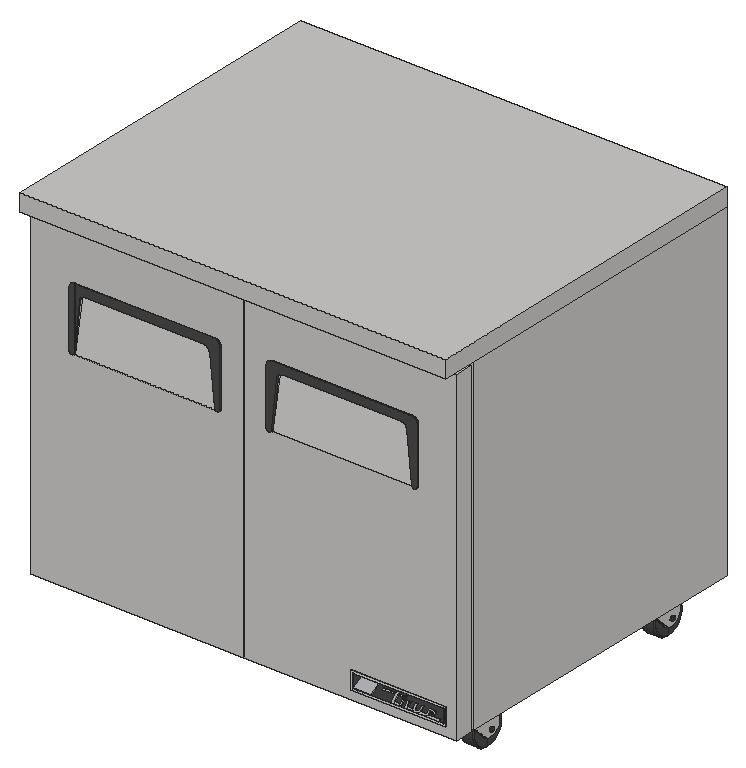
Revit family "QF_TRUE_TUC-36-ADA-HC", category Specialty Equipment, Revit 2016
Family settings
  Part Type = Normal
  Round Connector Dimension = Use Diameter
  Work Plane-Based = No
  Always vertical = Yes
  Cut with Voids When Loaded = No
  Shared = Yes
  Room Calculation Point = No
Parameters
  Weight in Pounds = 235
  Watts = FL Amps * Volts  # 230 W
  Volts = 115 V
  URL Manufacturer = "www.truemfg.com"
  URL = "www.truemfg.com"
  Type Mark [instance] = ""
  Status [instance] = ""
  Standard Height [instance] = and(not(Show Default Model), Show Standard Model)  # no
  Specification by User [instance] = ""
  Specification by Manufacturer = ""
  Show Low Profile Model [instance] = no
  Show Logo [instance] = yes
  Show Clearance [instance] = yes
  Show Standard Model [instance] = no
  Show Default Model [instance] = and(not(Show Low Profile Model), not(Show Standard Model))  # yes
  Serial Number = ""
  Seismic Rating = ""
  SMACNA No = ""
  Revision Code [instance] = ""
  Phase = 1
  Omniclass Number and Title = ""
  Number of Poles [instance] = 1
  NAFEM Spec ID Number = ""
  Model = "TUC-36-ADA-HC"
  Min Ckt Ampacity = 0 A
  Max Overcurrent Protection = 0 A
  MasterSpec. = ""
  Manufacturer = "TRUE"
  Low Profile [instance] = and(not(Show Default Model), Show Low Profile Model)  # no
  Length = 36 3/8"
  Item Number [instance] = ""
  Installed By [instance] = ""
  Identify Quantity as Lot [instance] = yes
  Height = 33 11/16"
  HP = "1/6"
  Furnished By [instance] = ""
  Foodservice Equipment Identifier [instance] = yes
  FL Amps = 2 A
  Electrical Remarks [instance] = ""
  Electric Connection Type [instance] = ""
  Elec Conn RI Height [instance] = 0"
  Elec Conn Connection Height [instance] = 0"
  Description = "ADA COMPLIANT SOLID DOOR REFRIGERATOR WITH HYDROCARBON REFRIGERANT"
  Depth = 30 1/16"
  Cycle = 60 Hz
  Conn Plug = "NEMA 5-15P"
  Conn Conduit = yes
  CSI MasterFormat = ""
  CSI Master Format = ""
  Base Height [instance] = if(Show Default Model, 3 15/16", if(Show Standard Model, 6 1/4", if(Show Low Profile Model, 2 1/8", 4")))  # 3 15/16"
  Apparent Power = if(Phase = 3, Volts * FL Amps * 1.73, Volts * FL Amps)  # 230 VA
Reference planes (in)
  plane 1 "BACK": y = -16.5
  plane 2: z = 0
  plane 3 "LEFT": x = 0
  plane 4 "RIGHT": x = 36.375
  plane 5 "FRONT": y = -47.5625
  plane 6 "TOP": z = 33.6875
  plane 7: z = 3.9375
  plane 8: y = -68.15718
  plane 9: y = -47.5625
  plane 10: y = -17.5
  plane 11: y = -21.74082
  plane 12: x = 18.1875
Dimensions and locks (in)
  "Length": plane 3 "LEFT" to plane 4 "RIGHT"
  plane 4 "RIGHT" to plane 3 "LEFT" = 36 3/8"
  plane 5 "FRONT" to plane 1 "BACK" = 31 1/16"
  plane 5 "FRONT" to plane 10 to plane 1 "BACK" = 30 1/16", 1"
  plane 1 "BACK" to plane 8 = 51.65718"
  "Depth": plane 10 to plane 9
  "Base Height": plane 7 to level
  locked: plane 6 "TOP" to plane 7 at 29.75
  plane 6 "TOP" to level = 33 11/16"
  equal spacing: plane 3 "LEFT", plane 12, plane 4 "RIGHT"
  aligned and locked: level to plane 2
  aligned and locked: plane 3 "LEFT" to nested 1  (x2)
  aligned and locked: plane 7 to nested 1
  aligned and locked: nested 1 to plane 7
Nested families (in)
  nested 1: "TUC-36-ADA-HC" at (0, 0, -0.0625), Show Logo <- "Show Logo", Show Clearance <- "Show Clearance", Show Casters <- "Show Default Model", type "TUC-36-ADA-HC"
    with Show Logo yes, Show Clearance yes, Show Casters yes
  nested 2: "CASTERS" at (2.84375, -21.74082, 0), Show 6" Casters <- "Show Standard Model", type "CASTERS"
    with Type Mark "", Status "", Specification by User "", Show 6" Casters no, Revision Code "", Item Number "", Installed By "", Identify Quantity as Lot yes, Furnished By "", Foodservice Equipment Identifier yes
  nested 3: "CASTERS" at (2.84375, -41.06531, 0), Show 6" Casters <- "Show Standard Model", type "CASTERS"
    with Type Mark "", Status "", Specification by User "", Show 6" Casters no, Revision Code "", Item Number "", Installed By "", Identify Quantity as Lot yes, Furnished By "", Foodservice Equipment Identifier yes
  nested 4: "CASTERS" at (33.53125, -21.74082, 0), Show 6" Casters <- "Show Standard Model", type "CASTERS"
    with Type Mark "", Status "", Specification by User "", Show 6" Casters no, Revision Code "", Item Number "", Installed By "", Identify Quantity as Lot yes, Furnished By "", Foodservice Equipment Identifier yes
  nested 5: "CASTERS" at (33.53125, -41.06531, 0), Show 6" Casters <- "Show Standard Model", type "CASTERS"
    with Type Mark "", Status "", Specification by User "", Show 6" Casters no, Revision Code "", Item Number "", Installed By "", Identify Quantity as Lot yes, Furnished By "", Foodservice Equipment Identifier yes
  nested 6: "LOW PROFILE CASTERS" at (2.84375, -21.74082, 0), Show Casters <- "Low Profile", type "LOW PROFILE CASTERS"
    with Type Mark "", Status "", Specification by User "", Show Casters no, Revision Code "", Item Number "", Installed By "", Identify Quantity as Lot yes, Furnished By "", Foodservice Equipment Identifier yes
  nested 7: "LOW PROFILE CASTERS" at (33.53125, -21.74082, 0), Show Casters <- "Low Profile", type "LOW PROFILE CASTERS"
    with Type Mark "", Status "", Specification by User "", Show Casters no, Revision Code "", Item Number "", Installed By "", Identify Quantity as Lot yes, Furnished By "", Foodservice Equipment Identifier yes
  nested 8: "LOW PROFILE CASTERS" at (33.53125, -41.06531, 0), Show Casters <- "Low Profile", type "LOW PROFILE CASTERS"
    with Type Mark "", Status "", Specification by User "", Show Casters no, Revision Code "", Item Number "", Installed By "", Identify Quantity as Lot yes, Furnished By "", Foodservice Equipment Identifier yes
  nested 9: "LOW PROFILE CASTERS" at (2.84375, -41.06531, 0), Show Casters <- "Low Profile", type "LOW PROFILE CASTERS"
    with Type Mark "", Status "", Specification by User "", Show Casters no, Revision Code "", Item Number "", Installed By "", Identify Quantity as Lot yes, Furnished By "", Foodservice Equipment Identifier yes
Connectors (in)
  electrical at (32.87821, -17.5, 9.6875), driven by "Volts", driven by "Watts"
    settings: on nested 1, index 1, voltage 115 V, apparent load 230 VA, apparent load phase1 0 VA, apparent load phase2 0 VA, apparent load phase3 0 VA, power factor 1, load classification "Other", number of poles 1, system type 30, power factor state 1, is connector primary yes, connector utility no, sub classification motor no, connector description "ELECTRICAL CONNECTION"
Definition of nested family "TUC-36-ADA-HC"
  Parameters (values of type "TUC-36-ADA-HC")
    URL = ""
    Show Logo [instance] = yes
    Show Clearance [instance] = yes
    Show Casters [instance] = yes
    Model = ""
    Manufacturer = ""
    Description = ""
    Assembly Code = ""
  Reference planes (in)
    plane 1 "BACK": y = -16.5
    plane 2: z = 0
    plane 3 "LEFT": x = 0
    plane 4 "RIGHT": x = 36.375
    plane 5 "FRONT": y = -48.125
    plane 6 "TOP": z = 33.75
    plane 7: z = 4
    plane 8: y = -46.625
    plane 9: y = -41.06531
    plane 10: x = 18.1875
    plane 11: y = -17.5
    plane 12: y = -47.5625
    plane 13: z = 27.63
    plane 14: z = 22.15093
    plane 15: z = 27.63
    plane 16: z = 22.15093
  Forms (in)
    Extrusion 1, solid
      sketch origin (0, -1, -2.25) x (0, 1, 0) y (0, 0, 1)
        loop
          line (-46.5625, 36) -> (-46.5625, 34.5) -> (-16.5, 34.5) -> (-16.5, 36) -> (-46.5625, 36)
      from 0 to 36.375
    Extrusion 2, solid
      sketch origin (0, -1, -2.25) x (0, 1, 0) y (0, 0, 1)
        loop
          line (-43.495, 34.5) -> (-43.495, 6.25) -> (-16.5, 6.25) -> (-16.5, 34.5) -> (-43.495, 34.5)
      from 0 to 36.1875
    Extrusion 3, solid
      sketch origin (0, -13.375, -2.25) x (1, 0, 0) y (0, 0, 1)
        loop
          line (36.375, 6.25) -> (36.375, 34.28323) -> (18.21875, 34.28323) -> (18.21875, 6.25) -> (36.375, 6.25)
        loop
          line (0, 34.28323) -> (0, 6.25) -> (18.15625, 6.25) -> (18.15625, 34.28323) -> (0, 34.28323)
      from 31.44201 to 33
    Extrusion 4, solid
      sketch origin (0, 2.875, -2.25) x (0, 1, 0) y (0, 0, 1)
        loop
          line (-47.69201, 33.8406) -> (-47.69201, 6.82675) -> (-47.37, 6.82675) -> (-47.37, 33.8406) -> (-47.69201, 33.8406)
      from 0.5 to 36
    Extrusion 5, solid
      sketch origin (16.66923, -1, -1.72683) x (0, 1, 0) y (0, 0, 1)
        loop
          line (-43.495, 33.97683) -> (-43.495, 5.72683) -> (-16.5, 5.72683) -> (-16.5, 33.97683) -> (-43.495, 33.97683)
      from 19.51827 to 19.70577
    Extrusion 6, solid
      sketch origin (0, -16.5, -2.25) x (1, 0, 0) y (0, 0, 1)
        loop
          line (11.4375, 6.25) -> (11.4375, 4.375) -> (24.9375, 4.375) -> (24.9375, 6.25) -> (11.4375, 6.25)
      from 1.69409 to 21.69409
    Extrusion 7, solid
      sketch origin (-1.16554, -17.5, -2.25) x (1, 0, 0) y (0, 0, 1)
        loop
          circle (34.04375, 12) r 0.25
      from 0 to 0.0625
    Revolve 8, solid, visible <- "Show Casters"
      sketch origin (26.71875, -21.74082, 0.68891) x (-1, 0, 0) y (0, 0, -1)
        loop
          line (-6.75, -2.83578) -> (-8.14082, -2.83578) -> (-8.14082, -3.31109) -> (-6.75, -3.31109) -> (-6.75, -2.83578)
        axis (-6.75, -2.83578) -> (-6.75, -3.31109)
      angle from 0 to 360
    Extrusion 9, solid, visible <- "Show Casters"
      sketch origin (83.25, -19.47769, 1.18891) x (0, 1, 0) y (0, 0, -1)
        loop
          line (-3.9827, -2.33578) -> (-0.56402, -2.33578) -> (-0.5333, -1.99809) -> (-3.6077, -1.50589) -> (-3.9827, -1.50589) -> (-3.9827, -2.33578)
      from 49.10625 to 50.45625
    Revolve 10, solid, visible <- "Show Casters"
      sketch origin (26.71875, -20.8295, 2.25) x (-1, 0, 0) y (0, 0, -1)
        loop
          line (-7.275, -0.75) -> (-6.225, -0.75) -> (-6.12092, -0.64592) -> (-6.12092, -0.04941) -> (-6.28601, -0.04941) -> (-6.28601, 0.57559) -> (-5.725, 0.57559) -> (-5.725, 0.75) -> (-7.775, 0.75) -> (-7.775, 0.57559) -> (-7.21399, 0.57559) -> (-7.21399, -0.04941) -> (-7.375, -0.04941) -> (-7.375, -0.65) -> (-7.275, -0.75)
        axis (-5.725, 0.75) -> (-7.775, 0.75)
      angle from 0 to 360
    Revolve 11, solid, visible <- "Show Casters"
      sketch origin (0.84375, -21.74082, 0.68891) x (1, 0, 0) y (0, 0, 1)
        loop
          line (2, 2.83578) -> (2, 3.31109) -> (0.60918, 3.31109) -> (0.60918, 2.83578) -> (2, 2.83578)
        axis (2, 2.83578) -> (2, 3.31109)
      angle from 0 to 360
    Extrusion 12, solid, visible <- "Show Casters"
      sketch origin (-46.9375, -19.47769, 1.18891) x (0, 1, 0) y (0, 0, 1)
        loop
          line (-3.9827, 2.33578) -> (-3.9827, 1.50589) -> (-3.6077, 1.50589) -> (-0.5333, 1.99809) -> (-0.56402, 2.33578) -> (-3.9827, 2.33578)
      from 49.10625 to 50.45625
    Revolve 13, solid, visible <- "Show Casters"
      sketch origin (0.84375, -20.8295, 2.25) x (1, 0, 0) y (0, 0, 1)
        loop
          line (1.475, 0.75) -> (1.375, 0.65) -> (1.375, 0.04941) -> (1.53601, 0.04941) -> (1.53601, -0.57559) -> (0.975, -0.57559) -> (0.975, -0.75) -> (3.025, -0.75) -> (3.025, -0.57559) -> (2.46399, -0.57559) -> (2.46399, 0.04941) -> (2.62908, 0.04941) -> (2.62908, 0.64592) -> (2.525, 0.75) -> (1.475, 0.75)
        axis (3.025, -0.75) -> (0.975, -0.75)
      angle from 0 to 360
    Extrusion 14, solid, visible <- "Show Casters"
      sketch origin (35.46875, -19.47769, 1.18891) x (0, 1, 0) y (0, 0, -1)
        loop
          line (-3.9827, -2.33578) -> (-0.56402, -2.33578) -> (-0.40562, -0.59493)
          arc (-0.40562, -0.59493) -> (-0.89059, 0.21892) -> (-1.83792, 0.20773) r 0.94903
          line (-1.83792, 0.20773) -> (-3.55154, -1.50589) -> (-3.9827, -1.50589) -> (-3.9827, -2.33578)
      from 1.175 to 1.325
    Extrusion 15, solid, visible <- "Show Casters"
      sketch origin (31.46875, -19.47769, 1.18891) x (0, 1, 0) y (0, 0, 1)
        loop
          line (-3.9827, 1.50589) -> (-3.55154, 1.50589) -> (-1.83792, -0.20773)
          arc (-1.83792, -0.20773) -> (-0.89059, -0.21892) -> (-0.40562, 0.59493) r 0.94903
          line (-0.40562, 0.59493) -> (-0.56402, 2.33578) -> (-3.9827, 2.33578) -> (-3.9827, 1.50589)
      from 1.175 to 1.325
    Extrusion 16, solid, visible <- "Show Casters"
      sketch origin (0.84375, -19.47769, 1.18891) x (0, 1, 0) y (0, 0, 1)
        loop
          line (-3.9827, 2.33578) -> (-3.9827, 1.50589) -> (-3.55154, 1.50589) -> (-1.83792, -0.20773)
          arc (-1.83792, -0.20773) -> (-0.89059, -0.21892) -> (-0.40562, 0.59493) r 0.94903
          line (-0.40562, 0.59493) -> (-0.56402, 2.33578) -> (-3.9827, 2.33578)
      from 1.175 to 1.325
    Extrusion 17, solid, visible <- "Show Casters"
      sketch origin (4.84375, -19.47769, 1.18891) x (0, 1, 0) y (0, 0, -1)
        loop
          line (-3.9827, -1.50589) -> (-3.9827, -2.33578) -> (-0.56402, -2.33578) -> (-0.40562, -0.59493)
          arc (-0.40562, -0.59493) -> (-0.89059, 0.21892) -> (-1.83792, 0.20773) r 0.94903
          line (-1.83792, 0.20773) -> (-3.55154, -1.50589) -> (-3.9827, -1.50589)
      from 1.175 to 1.325
    Extrusion 18, solid, visible <- "Show Clearance", detail levels coarse
      sketch origin (17.8682, -37.72639, 0) x (-1, 0, 0) y (0, -1, 0)
        loop
          arc (-0.35055, 8.64861) -> (-5.6684, 21.48702) -> (-18.5068, 26.80486) r 18.15625
          line (-18.5068, 26.80486) -> (-18.5068, 8.64861) -> (-0.35055, 8.64861)
        loop
          line (-0.28805, 8.64861) -> (17.8682, 8.64861) -> (17.8682, 26.80486)
          arc (17.8682, 26.80486) -> (5.02979, 21.48702) -> (-0.28805, 8.64861) r 18.15625
      from 4 to 32.03323
    Revolve 19, solid, visible <- "Show Casters"
      sketch origin (26.71875, -41.06531, 0.68891) x (-1, 0, 0) y (0, 0, -1)
        loop
          line (-6.75, -2.83578) -> (-8.14082, -2.83578) -> (-8.14082, -3.31109) -> (-6.75, -3.31109) -> (-6.75, -2.83578)
        axis (-6.75, -2.83578) -> (-6.75, -3.31109)
      angle from 0 to 360
    Extrusion 20, solid, visible <- "Show Casters"
      sketch origin (83.25, -38.80219, 1.18891) x (0, 1, 0) y (0, 0, -1)
        loop
          line (-3.9827, -2.33578) -> (-0.56402, -2.33578) -> (-0.5333, -1.99809) -> (-3.6077, -1.50589) -> (-3.9827, -1.50589) -> (-3.9827, -2.33578)
      from 49.10625 to 50.45625
    Revolve 21, solid, visible <- "Show Casters"
      sketch origin (26.71875, -40.15399, 2.25) x (-1, 0, 0) y (0, 0, -1)
        loop
          line (-7.275, -0.75) -> (-6.225, -0.75) -> (-6.12092, -0.64592) -> (-6.12092, -0.04941) -> (-6.28601, -0.04941) -> (-6.28601, 0.57559) -> (-5.725, 0.57559) -> (-5.725, 0.75) -> (-7.775, 0.75) -> (-7.775, 0.57559) -> (-7.21399, 0.57559) -> (-7.21399, -0.04941) -> (-7.375, -0.04941) -> (-7.375, -0.65) -> (-7.275, -0.75)
        axis (-5.725, 0.75) -> (-7.775, 0.75)
      angle from 0 to 360
    Revolve 22, solid, visible <- "Show Casters"
      sketch origin (0.84375, -41.06531, 0.68891) x (1, 0, 0) y (0, 0, 1)
        loop
          line (2, 2.83578) -> (2, 3.31109) -> (0.60918, 3.31109) -> (0.60918, 2.83578) -> (2, 2.83578)
        axis (2, 2.83578) -> (2, 3.31109)
      angle from 0 to 360
    Extrusion 23, solid, visible <- "Show Casters"
      sketch origin (-46.9375, -38.80219, 1.18891) x (0, 1, 0) y (0, 0, 1)
        loop
          line (-3.9827, 2.33578) -> (-3.9827, 1.50589) -> (-3.6077, 1.50589) -> (-0.5333, 1.99809) -> (-0.56402, 2.33578) -> (-3.9827, 2.33578)
      from 49.10625 to 50.45625
    Revolve 24, solid, visible <- "Show Casters"
      sketch origin (0.84375, -40.15399, 2.25) x (1, 0, 0) y (0, 0, 1)
        loop
          line (1.475, 0.75) -> (1.375, 0.65) -> (1.375, 0.04941) -> (1.53601, 0.04941) -> (1.53601, -0.57559) -> (0.975, -0.57559) -> (0.975, -0.75) -> (3.025, -0.75) -> (3.025, -0.57559) -> (2.46399, -0.57559) -> (2.46399, 0.04941) -> (2.62908, 0.04941) -> (2.62908, 0.64592) -> (2.525, 0.75) -> (1.475, 0.75)
        axis (3.025, -0.75) -> (0.975, -0.75)
      angle from 0 to 360
    Extrusion 25, solid, visible <- "Show Casters"
      sketch origin (35.46875, -38.80219, 1.18891) x (0, 1, 0) y (0, 0, -1)
        loop
          line (-3.9827, -2.33578) -> (-0.56402, -2.33578) -> (-0.40562, -0.59493)
          arc (-0.40562, -0.59493) -> (-0.89059, 0.21892) -> (-1.83792, 0.20773) r 0.94903
          line (-1.83792, 0.20773) -> (-3.55154, -1.50589) -> (-3.9827, -1.50589) -> (-3.9827, -2.33578)
      from 1.175 to 1.325
    Extrusion 26, solid, visible <- "Show Casters"
      sketch origin (31.46875, -38.80219, 1.18891) x (0, 1, 0) y (0, 0, 1)
        loop
          line (-3.9827, 1.50589) -> (-3.55154, 1.50589) -> (-1.83792, -0.20773)
          arc (-1.83792, -0.20773) -> (-0.89059, -0.21892) -> (-0.40562, 0.59493) r 0.94903
          line (-0.40562, 0.59493) -> (-0.56402, 2.33578) -> (-3.9827, 2.33578) -> (-3.9827, 1.50589)
      from 1.175 to 1.325
    Extrusion 27, solid, visible <- "Show Casters"
      sketch origin (0.84375, -38.80219, 1.18891) x (0, 1, 0) y (0, 0, 1)
        loop
          line (-3.9827, 2.33578) -> (-3.9827, 1.50589) -> (-3.55154, 1.50589) -> (-1.83792, -0.20773)
          arc (-1.83792, -0.20773) -> (-0.89059, -0.21892) -> (-0.40562, 0.59493) r 0.94903
          line (-0.40562, 0.59493) -> (-0.56402, 2.33578) -> (-3.9827, 2.33578)
      from 1.175 to 1.325
    Extrusion 28, solid, visible <- "Show Casters"
      sketch origin (4.84375, -38.80219, 1.18891) x (0, 1, 0) y (0, 0, -1)
        loop
          line (-3.9827, -1.50589) -> (-3.9827, -2.33578) -> (-0.56402, -2.33578) -> (-0.40562, -0.59493)
          arc (-0.40562, -0.59493) -> (-0.89059, 0.21892) -> (-1.83792, 0.20773) r 0.94903
          line (-1.83792, 0.20773) -> (-3.55154, -1.50589) -> (-3.9827, -1.50589)
      from 1.175 to 1.325
    Revolve 29, solid
      sketch origin (0, -16.5155, 21) x (1, 0, 0) y (0, 1, 0)
        loop
          line (30.60203, -0.9845) -> (31.07078, -0.9845) -> (31.07078, 0.0155) -> (30.60203, 0.0155) -> (30.60203, -0.9845)
        axis (30.60203, -0.9845) -> (30.60203, 0.0155)
      angle from 0 to 360
    Revolve 30, solid
      sketch origin (-12.93057, -16.5155, 21) x (1, 0, 0) y (0, 1, 0)
        loop
          line (18.64104, -0.9845) -> (19.10979, -0.9845) -> (19.10979, 0.0155) -> (18.64104, 0.0155) -> (18.64104, -0.9845)
        axis (18.64104, -0.9845) -> (18.64104, 0.0155)
      angle from 0 to 360
    Extrusion 31, void
      sketch origin (9.75, -13.78209, 48) x (0, -1, 0) y (0, 0, 1)
        loop
          line (32.59291, -20.37) -> (31.52391, -20.37) -> (32.59291, -25.84907) -> (32.59291, -20.37)
      from -6 to 6
    Extrusion 32, solid
      sketch origin (-2.25, -46.375, 0) x (1, 0, 0) y (0, 0, 1)
        loop
          line (5.52833, 27.13) -> (5.52833, 22.36054)
          arc (5.52833, 22.36054) -> (5.74774, 22.11831) -> (6.01044, 22.31274) r 0.24342
          line (6.01044, 22.31274) -> (6.44945, 26.42717)
          arc (6.44945, 26.42717) -> (6.61215, 26.74648) -> (6.94671, 26.87491) r 0.5
          line (6.94671, 26.87491) -> (17.05329, 26.87491)
          arc (17.05329, 26.87491) -> (17.38785, 26.74648) -> (17.55055, 26.42717) r 0.5
          line (17.55055, 26.42717) -> (17.98956, 22.31274)
          arc (17.98956, 22.31274) -> (18.25226, 22.11831) -> (18.47166, 22.36054) r 0.24342
          line (18.47166, 22.36054) -> (18.47166, 27.13)
          arc (18.47166, 27.13) -> (18.32522, 27.48356) -> (17.97166, 27.63) r 0.5
          line (17.97166, 27.63) -> (6.02833, 27.63)
          arc (6.02833, 27.63) -> (5.67478, 27.48356) -> (5.52833, 27.13) r 0.5
      from 0 to 0.0625
    Extrusion 33, void
      sketch origin (26.625, -13.78209, 48) x (0, -1, 0) y (0, 0, -1)
        loop
          line (32.59291, 20.37) -> (32.59291, 25.84907) -> (31.52391, 20.37) -> (32.59291, 20.37)
      from -6 to 6
    Extrusion 34, solid
      sketch origin (38.625, -46.375, 0) x (-1, 0, 0) y (0, 0, -1)
        loop
          arc (5.52833, -27.13) -> (5.67478, -27.48356) -> (6.02833, -27.63) r 0.5
          line (6.02833, -27.63) -> (17.97166, -27.63)
          arc (17.97166, -27.63) -> (18.32522, -27.48356) -> (18.47166, -27.13) r 0.5
          line (18.47166, -27.13) -> (18.47166, -22.36054)
          arc (18.47166, -22.36054) -> (18.25226, -22.11831) -> (17.98956, -22.31274) r 0.24342
          line (17.98956, -22.31274) -> (17.55055, -26.42717)
          arc (17.55055, -26.42717) -> (17.38785, -26.74648) -> (17.05329, -26.87491) r 0.5
          line (17.05329, -26.87491) -> (6.94671, -26.87491)
          arc (6.94671, -26.87491) -> (6.61215, -26.74648) -> (6.44945, -26.42717) r 0.5
          line (6.44945, -26.42717) -> (6.01044, -22.31274)
          arc (6.01044, -22.31274) -> (5.74774, -22.11831) -> (5.52833, -22.36054) r 0.24342
          line (5.52833, -22.36054) -> (5.52833, -27.13)
      from 0 to 0.0625
  Cuts and joins
    joined: Extrusion 2, Extrusion 5
    Extrusion 31, Extrusion 33 cuts Extrusion 3
    Extrusion 33 cuts Extrusion 18
  Lines and regions (in)
    symbolic lines
      curve 1: line (0, -17.5, 0) -> (36.375, -17.5, 0)
      curve 2: line (0, -47.5625, 0) -> (0, -17.5, 0)
      curve 3: line (36.375, -47.5625, 0) -> (0, -47.5625, 0)
      curve 4: line (36.375, -17.5, 0) -> (36.375, -47.5625, 0)
      curve 5: line (6.17922, -16.5, 0) -> (5.24172, -16.5, 0)
      curve 6: line (6.17922, -16.5, 0) -> (6.17922, -17.5, 0)
      curve 7: line (5.24172, -16.5, 0) -> (5.24172, -17.5, 0)
      curve 8: line (30.13328, -16.5, 0) -> (31.07078, -16.5, 0)
      curve 9: line (30.13328, -16.5, 0) -> (30.13328, -17.5, 0)
      curve 10: line (31.07078, -16.5, 0) -> (31.07078, -17.5, 0)
    symbolic lines, visible <- "Show Clearance", detail levels coarse
      curve 11: arc (18.25763, -47.5625, 0) -> (19.03725, -51.76499, 0) -> (20.77772, -55.66877, 0) r 18.15625
      curve 12: line (34.38208, -47.5625, 0) -> (20.77772, -55.66877, 0)
      curve 13: arc (18.11737, -47.5625, 0) -> (17.33775, -51.76499, 0) -> (15.59728, -55.66877, 0) r 18.15625
      curve 14: line (1.99292, -47.5625, 0) -> (15.59728, -55.66877, 0)
    symbolic lines, visible <- "Show Casters"
      curve 15: line (1.05276, -22.68104, 0) -> (2.13882, -23.30808, 0)
      curve 16: line (3.55276, -18.35092, 0) -> (1.05276, -22.68104, 0)
      curve 17: line (4.63882, -18.97795, 0) -> (3.55276, -18.35092, 0)
      curve 18: line (2.13882, -23.30808, 0) -> (4.63882, -18.97795, 0)
      curve 19: line (31.74026, -22.68104, 0) -> (32.82632, -23.30808, 0)
      curve 20: line (34.24026, -18.35092, 0) -> (31.74026, -22.68104, 0)
      curve 21: line (35.32632, -18.97795, 0) -> (34.24026, -18.35092, 0)
      curve 22: line (32.82632, -23.30808, 0) -> (35.32632, -18.97795, 0)
      curve 23: line (1.05276, -42.60659, 0) -> (2.13882, -43.23363, 0)
      curve 24: line (3.55276, -38.27647, 0) -> (1.05276, -42.60659, 0)
      curve 25: line (4.63882, -38.90351, 0) -> (3.55276, -38.27647, 0)
      curve 26: line (2.13882, -43.23363, 0) -> (4.63882, -38.90351, 0)
      curve 27: line (31.74026, -42.60659, 0) -> (32.82632, -43.23363, 0)
      curve 28: line (34.24026, -38.27647, 0) -> (31.74026, -42.60659, 0)
      curve 29: line (35.32632, -38.90351, 0) -> (34.24026, -38.27647, 0)
      curve 30: line (32.82632, -43.23363, 0) -> (35.32632, -38.90351, 0)
  Dimensions and locks (in)
    plane 3 "LEFT" to plane 4 "RIGHT" = 36 3/8"
    plane 4 "RIGHT" to plane 3 "LEFT" = 36 3/8"
    plane 6 "TOP" to level = 33 3/4"
    plane 5 "FRONT" to plane 1 "BACK" = 31 5/8"  (x2)
    plane 7 to level = 4"
    plane 6 "TOP" to plane 7 = 29 3/4"
    plane 8 to plane 5 "FRONT" = 1 1/2"
    Extrusion 1 to plane 8 = 29 1/8"
    equal spacing: plane 3 "LEFT", plane 10, plane 4 "RIGHT"
    plane 12 to plane 11 = 30 1/16"
    aligned and locked: level to plane 2
    aligned and locked: plane 4 "RIGHT" to Extrusion 1
    aligned: plane 4 "RIGHT" to Extrusion 5
    aligned and locked: Extrusion 6 to Extrusion 3
    aligned and locked: Extrusion 14 to Extrusion 15 sketch curve
    aligned and locked: Extrusion 15 sketch curve to Extrusion 14  (x2)
    aligned and locked: Extrusion 16 to Extrusion 17 sketch curve
    aligned and locked: Extrusion 17 sketch curve to Extrusion 16
    aligned and locked: Extrusion 25 to Extrusion 26 sketch curve
    aligned and locked: Extrusion 26 sketch curve to Extrusion 25  (x2)
    aligned and locked: Extrusion 27 to Extrusion 28 sketch curve
    aligned and locked: Extrusion 28 sketch curve to Extrusion 27
  Automatic sketch dimensions
    curve 1 to plane 3 "LEFT" = 0"
    curve 13 to plane 3 "LEFT" = 0"
    curve 14 to plane 12 = 0"
    plane 1 "BACK" to curve 7 = 0"
    curve 7 to plane 11 = 0"
    plane 1 "BACK" to curve 9 = 0"
    curve 4 to plane 4 "RIGHT" = 0"
    curve 11 to plane 4 "RIGHT" = 0"
    plane 3 "LEFT" to curve 24 = 1.05276"
    plane 3 "LEFT" to curve 15 = 1.05276"
    curve 23 to curve 23 = 1.08606"
    curve 15 to curve 15 = 1.08606"
    curve 17 to plane 11 = 0.85092"
    plane 3 "LEFT" to curve 17 = 3.55276"
    plane 3 "LEFT" to curve 25 = 3.55276"
    curve 16 to curve 7 = 1.68896"
    curve 5 to curve 6 = 15/16"
    plane 10 to curve 14 = 2.59022"
    curve 12 to plane 10 = 2.59022"
    curve 9 to plane 4 "RIGHT" = 6.24172"
    curve 8 to curve 10 = 15/16"
    curve 20 to plane 4 "RIGHT" = 4.63474"
    plane 9 to curve 27 = 1.54128"
    curve 27 to plane 4 "RIGHT" = 4.63474"
    curve 19 to curve 22 = 1.08606"
    plane 9 to curve 30 = 2.16832"
    curve 27 to curve 30 = 1.08606"
    curve 21 to plane 11 = 0.85092"
    curve 21 to plane 4 "RIGHT" = 2.13474"
    curve 29 to plane 4 "RIGHT" = 2.13474"
    plane 5 "FRONT" to curve 12 = 7.54377"
    curve 14 to curve 11 = 0"
    plane 8 to curve 13 = 1/4"
    plane 8 to curve 11 = 1/4"
    plane 9 to curve 23 = 2.16832"
    curve 23 to curve 23 = 0.62704"
    curve 22 to curve 20 = 4.95717"
    curve 15 to curve 16 = 4.95717"
    plane 3 "LEFT" to curve 14 = 1.99292"
    curve 12 to plane 4 "RIGHT" = 1.99292"
    Extrusion 1 sketch curve to plane 12 = 0"
    Extrusion 1 sketch curve to plane 11 = 0"
    Extrusion 1 sketch curve to plane 6 "TOP" = 0"
    Extrusion 1 sketch curve to Extrusion 1 sketch curve = 1 1/2"
    Extrusion 2 sketch curve to plane 7 = 0"
    Extrusion 2 sketch curve to plane 11 = 0"
    plane 8 to Extrusion 2 sketch curve = 2.13"
    Extrusion 2 sketch curve to plane 6 "TOP" = 1 1/2"
    Extrusion 3 sketch curve to plane 3 "LEFT" = 0"
    Extrusion 3 sketch curve to plane 7 = 0"  (x2)
    Extrusion 3 sketch curve to plane 4 "RIGHT" = 0"
    plane 10 to Extrusion 3 sketch curve = 1/32"
    Extrusion 3 sketch curve to plane 10 = 1/32"
    Extrusion 3 sketch curve to plane 6 "TOP" = 1.71677"
    Extrusion 3 sketch curve to Extrusion 3 sketch curve = 0"
    plane 7 to Extrusion 4 sketch curve = 0.57675"
    plane 8 to Extrusion 4 sketch curve = 1.80799"
    Extrusion 4 sketch curve to Extrusion 4 sketch curve = 0.32201"
    Extrusion 4 sketch curve to plane 6 "TOP" = 2.1594"
    Extrusion 5 sketch curve to plane 7 = 0"
    Extrusion 5 sketch curve to plane 11 = 0"
    plane 8 to Extrusion 5 sketch curve = 2.13"
    Extrusion 5 sketch curve to plane 6 "TOP" = 1 1/2"
    Extrusion 6 sketch curve to plane 7 = 0"
    Extrusion 6 sketch curve to plane 7 = 1 7/8"
    plane 10 to Extrusion 6 sketch curve = 6 3/4"
    Extrusion 6 sketch curve to plane 10 = 6 3/4"
    Extrusion 7 sketch curve to plane 4 "RIGHT" = 3.49679"
    plane 7 to Extrusion 7 sketch curve = 5 3/4"
    Revolve 8 sketch curve to plane 7 = 0"
    Revolve 8 sketch curve to plane 7 = 0.47532"
    Revolve 8 sketch curve to plane 4 "RIGHT" = 1.51543"
    Revolve 8 sketch curve to Revolve 8 sketch curve = 1.39082"
    Revolve 8 sketch curve to Revolve 8 sketch curve = 0"
    plane 7 to Revolve 8 sketch curve = 0.20659"
    Revolve 8 sketch curve to Revolve 8 sketch curve = 0.3181"
    Extrusion 9 sketch curve to plane 7 = 1.30521"
    Extrusion 9 sketch curve to plane 11 = 5.96039"
    Extrusion 9 sketch curve to Extrusion 9 sketch curve = 3/8"
    Extrusion 9 sketch curve to plane 7 = 0.47532"
    Extrusion 9 sketch curve to plane 11 = 2.54172"
    Extrusion 9 sketch curve to plane 7 = 0.813"
    Extrusion 9 sketch curve to Extrusion 9 sketch curve = 0.03073"
    Revolve 10 sketch curve to plane 4 "RIGHT" = 1.88125"
    Revolve 10 sketch curve to Revolve 10 sketch curve = 0.4"
    Revolve 10 sketch curve to plane 7 = 1"
    Revolve 10 sketch curve to Revolve 10 sketch curve = 0.1"  (x2)
    Revolve 10 sketch curve to Revolve 10 sketch curve = 0.16101"
    Revolve 10 sketch curve to Revolve 10 sketch curve = 0.92798"
    Revolve 10 sketch curve to Revolve 10 sketch curve = 0.06101"
    Revolve 10 sketch curve to Revolve 10 sketch curve = 0.10408"  (x2)
    Revolve 10 sketch curve to Revolve 10 sketch curve = 0.56101"
    Revolve 10 sketch curve to Revolve 10 sketch curve = 0.59652"
    Revolve 10 sketch curve to Revolve 10 sketch curve = 0.60059"
    Revolve 10 sketch curve to Revolve 10 sketch curve = 5/8"  (x2)
    Revolve 10 sketch curve to Revolve 10 sketch curve = 0.17441"  (x2)
    Revolve 10 sketch curve to Revolve 10 sketch curve = 0.48273"
    Revolve 10 sketch curve to Revolve 10 sketch curve = 0.33491"
    Revolve 11 sketch curve to plane 7 = 0"
    Revolve 11 sketch curve to plane 7 = 0.47532"
    plane 3 "LEFT" to Revolve 11 sketch curve = 1.45293"
    Revolve 11 sketch curve to Revolve 11 sketch curve = 1.39082"
    Revolve 11 sketch curve to Revolve 11 sketch curve = 0"
    Revolve 11 sketch curve to Revolve 11 sketch curve = 0.3181"
    Revolve 11 sketch curve to Revolve 11 sketch curve = 0.20659"
    Extrusion 12 sketch curve to plane 7 = 1.30521"
    Extrusion 12 sketch curve to plane 11 = 5.96039"
    Extrusion 12 sketch curve to Extrusion 12 sketch curve = 3/8"
    Extrusion 12 sketch curve to plane 7 = 0.47532"
    Extrusion 12 sketch curve to plane 11 = 2.54172"
    Extrusion 12 sketch curve to plane 7 = 0.813"
    Extrusion 12 sketch curve to Extrusion 12 sketch curve = 0.03073"
    plane 3 "LEFT" to Revolve 13 sketch curve = 1.81875"
    Revolve 13 sketch curve to Revolve 13 sketch curve = 0.4"
    Revolve 13 sketch curve to plane 7 = 1"
    Revolve 13 sketch curve to Revolve 13 sketch curve = 0.1"  (x2)
    Revolve 13 sketch curve to Revolve 13 sketch curve = 0.16101"
    Revolve 13 sketch curve to Revolve 13 sketch curve = 0.92798"
    Revolve 13 sketch curve to Revolve 13 sketch curve = 0.06101"
    Revolve 13 sketch curve to Revolve 13 sketch curve = 0.10408"  (x2)
    Revolve 13 sketch curve to Revolve 13 sketch curve = 0.56101"
    Revolve 13 sketch curve to Revolve 13 sketch curve = 0.60059"
    Revolve 13 sketch curve to Revolve 13 sketch curve = 0.59652"
    Revolve 13 sketch curve to Revolve 13 sketch curve = 5/8"  (x2)
    Revolve 13 sketch curve to Revolve 13 sketch curve = 0.17441"  (x2)
    Revolve 13 sketch curve to Revolve 13 sketch curve = 0.48273"
    Revolve 13 sketch curve to Revolve 13 sketch curve = 0.33491"
    Extrusion 14 sketch curve to plane 7 = 1.30521"
    Extrusion 14 sketch curve to plane 11 = 5.96039"
    Extrusion 14 sketch curve to Extrusion 14 sketch curve = 0.43115"
    level to Extrusion 14 sketch curve = 0.98117"
    Extrusion 14 sketch curve to Extrusion 14 sketch curve = 1.71362"
    Extrusion 14 sketch curve to Extrusion 14 sketch curve = 0.48338"
    Extrusion 14 sketch curve to plane 7 = 0.47532"
    Extrusion 14 sketch curve to Extrusion 14 sketch curve = 0.79052"
    level to Extrusion 14 sketch curve = 1.78384"
    Extrusion 14 sketch curve to Extrusion 14 sketch curve = 0.94893"
    Extrusion 15 sketch curve to Extrusion 15 sketch curve = 0.43115"
    level to Extrusion 15 sketch curve = 0.98117"
    Extrusion 15 sketch curve to Extrusion 15 sketch curve = 1.71362"
    Extrusion 15 sketch curve to Extrusion 15 sketch curve = 0.48338"
    Extrusion 15 sketch curve to Extrusion 15 sketch curve = 0.79052"
    level to Extrusion 15 sketch curve = 1.78384"
    Extrusion 15 sketch curve to Extrusion 15 sketch curve = 0.94893"
    Extrusion 16 sketch curve to plane 7 = 1.30521"
    Extrusion 16 sketch curve to plane 11 = 5.96039"
    Extrusion 16 sketch curve to Extrusion 16 sketch curve = 0.43115"
    level to Extrusion 16 sketch curve = 0.98117"
    Extrusion 16 sketch curve to Extrusion 16 sketch curve = 1.71362"
    Extrusion 16 sketch curve to Extrusion 16 sketch curve = 0.48338"
    Extrusion 16 sketch curve to plane 7 = 0.47532"
    Extrusion 16 sketch curve to Extrusion 16 sketch curve = 0.79052"
    level to Extrusion 16 sketch curve = 1.78384"
    Extrusion 16 sketch curve to Extrusion 16 sketch curve = 0.94893"
    Extrusion 17 sketch curve to Extrusion 17 sketch curve = 0.43115"
    level to Extrusion 17 sketch curve = 0.98117"
    Extrusion 17 sketch curve to Extrusion 17 sketch curve = 1.71362"
    Extrusion 17 sketch curve to Extrusion 17 sketch curve = 0.48338"
    Extrusion 17 sketch curve to plane 7 = 0.47532"
    Extrusion 17 sketch curve to Extrusion 17 sketch curve = 0.79052"
    level to Extrusion 17 sketch curve = 1.78384"
    Extrusion 17 sketch curve to Extrusion 17 sketch curve = 0.94893"
    Extrusion 18 sketch curve to plane 4 "RIGHT" = 0"
    Extrusion 18 sketch curve to plane 3 "LEFT" = 0"
    Extrusion 18 sketch curve to plane 10 = 1/32"
    plane 10 to Extrusion 18 sketch curve = 1/32"
    plane 8 to Extrusion 18 sketch curve = 1/4"  (x2)
    Revolve 19 sketch curve to plane 7 = 0"
    Revolve 19 sketch curve to plane 7 = 0.47532"
    Revolve 19 sketch curve to plane 4 "RIGHT" = 1.51543"
    Revolve 19 sketch curve to Revolve 19 sketch curve = 1.39082"
    Revolve 19 sketch curve to Revolve 19 sketch curve = 0"
    plane 7 to Revolve 19 sketch curve = 0.20659"
    Revolve 19 sketch curve to Revolve 19 sketch curve = 0.3181"
    plane 9 to Extrusion 20 sketch curve = 1.71958"
    Extrusion 20 sketch curve to Extrusion 20 sketch curve = 3/8"
    Extrusion 20 sketch curve to plane 7 = 0.47532"
    Extrusion 20 sketch curve to plane 9 = 1.6991"
    Extrusion 20 sketch curve to plane 7 = 0.813"
    Extrusion 20 sketch curve to Extrusion 20 sketch curve = 0.03073"
    Extrusion 20 sketch curve to Extrusion 20 sketch curve = 0.82989"
    Revolve 21 sketch curve to plane 4 "RIGHT" = 1.88125"
    Revolve 21 sketch curve to Revolve 21 sketch curve = 0.4"
    Revolve 21 sketch curve to plane 7 = 1"
    Revolve 21 sketch curve to Revolve 21 sketch curve = 0.1"  (x2)
    Revolve 21 sketch curve to Revolve 21 sketch curve = 0.16101"
    Revolve 21 sketch curve to Revolve 21 sketch curve = 0.92798"
    Revolve 21 sketch curve to Revolve 21 sketch curve = 0.06101"
    Revolve 21 sketch curve to Revolve 21 sketch curve = 0.10408"  (x2)
    Revolve 21 sketch curve to Revolve 21 sketch curve = 0.56101"
    Revolve 21 sketch curve to Revolve 21 sketch curve = 0.59652"
    Revolve 21 sketch curve to Revolve 21 sketch curve = 0.60059"
    Revolve 21 sketch curve to Revolve 21 sketch curve = 5/8"  (x2)
    Revolve 21 sketch curve to Revolve 21 sketch curve = 0.17441"  (x2)
    Revolve 21 sketch curve to Revolve 21 sketch curve = 0.48273"
    Revolve 21 sketch curve to Revolve 21 sketch curve = 0.33491"
    Revolve 22 sketch curve to plane 7 = 0"
    Revolve 22 sketch curve to plane 7 = 0.47532"
    plane 3 "LEFT" to Revolve 22 sketch curve = 1.45293"
    Revolve 22 sketch curve to Revolve 22 sketch curve = 1.39082"
    Revolve 22 sketch curve to Revolve 22 sketch curve = 0"
    Revolve 22 sketch curve to Revolve 22 sketch curve = 0.3181"
    Revolve 22 sketch curve to Revolve 22 sketch curve = 0.20659"
    plane 9 to Extrusion 23 sketch curve = 1.71958"
    Extrusion 23 sketch curve to Extrusion 23 sketch curve = 3/8"
    Extrusion 23 sketch curve to plane 7 = 0.47532"
    Extrusion 23 sketch curve to plane 9 = 1.6991"
    Extrusion 23 sketch curve to plane 7 = 0.813"
    Extrusion 23 sketch curve to Extrusion 23 sketch curve = 0.03073"
    Extrusion 23 sketch curve to Extrusion 23 sketch curve = 0.82989"
    plane 3 "LEFT" to Revolve 24 sketch curve = 1.81875"
    Revolve 24 sketch curve to Revolve 24 sketch curve = 0.4"
    Revolve 24 sketch curve to plane 7 = 1"
    Revolve 24 sketch curve to Revolve 24 sketch curve = 0.1"  (x2)
    Revolve 24 sketch curve to Revolve 24 sketch curve = 0.16101"
    Revolve 24 sketch curve to Revolve 24 sketch curve = 0.92798"
    Revolve 24 sketch curve to Revolve 24 sketch curve = 0.06101"
    Revolve 24 sketch curve to Revolve 24 sketch curve = 0.10408"  (x2)
    Revolve 24 sketch curve to Revolve 24 sketch curve = 0.56101"
    Revolve 24 sketch curve to Revolve 24 sketch curve = 0.60059"
    Revolve 24 sketch curve to Revolve 24 sketch curve = 0.59652"
    Revolve 24 sketch curve to Revolve 24 sketch curve = 5/8"  (x2)
    Revolve 24 sketch curve to Revolve 24 sketch curve = 0.17441"  (x2)
    Revolve 24 sketch curve to Revolve 24 sketch curve = 0.48273"
    Revolve 24 sketch curve to Revolve 24 sketch curve = 0.33491"
    plane 9 to Extrusion 25 sketch curve = 1.71958"
    Extrusion 25 sketch curve to Extrusion 25 sketch curve = 0.43115"
    Extrusion 25 sketch curve to plane 9 = 0.4252"
    Extrusion 25 sketch curve to plane 9 = 0.90858"
    Extrusion 25 sketch curve to plane 7 = 0.47532"
    Extrusion 25 sketch curve to plane 9 = 1.6991"
    Extrusion 25 sketch curve to Extrusion 25 sketch curve = 0.94893"
    Extrusion 25 sketch curve to Extrusion 25 sketch curve = 0.82989"
    level to Extrusion 25 sketch curve = 1.79788"
    Extrusion 25 sketch curve to Extrusion 25 sketch curve = 0.01404"
    Extrusion 26 sketch curve to Extrusion 26 sketch curve = 0.43115"
    Extrusion 26 sketch curve to plane 9 = 0.4252"
    Extrusion 26 sketch curve to plane 9 = 0.90858"
    Extrusion 26 sketch curve to plane 9 = 1.6991"
    Extrusion 26 sketch curve to Extrusion 26 sketch curve = 0.94893"
    level to Extrusion 26 sketch curve = 1.79788"
    Extrusion 26 sketch curve to Extrusion 26 sketch curve = 0.01404"
    plane 9 to Extrusion 27 sketch curve = 1.71958"
    Extrusion 27 sketch curve to Extrusion 27 sketch curve = 0.43115"
    Extrusion 27 sketch curve to plane 9 = 0.4252"
    Extrusion 27 sketch curve to plane 9 = 0.90858"
    Extrusion 27 sketch curve to plane 7 = 0.47532"
    Extrusion 27 sketch curve to plane 9 = 1.6991"
    Extrusion 27 sketch curve to Extrusion 27 sketch curve = 0.94893"
    Extrusion 27 sketch curve to Extrusion 27 sketch curve = 0.82989"
    level to Extrusion 27 sketch curve = 1.79788"
    Extrusion 27 sketch curve to Extrusion 27 sketch curve = 0.01404"
    Extrusion 28 sketch curve to Extrusion 28 sketch curve = 0.43115"
    Extrusion 28 sketch curve to plane 9 = 0.4252"
    Extrusion 28 sketch curve to plane 9 = 0.90858"
    Extrusion 28 sketch curve to plane 7 = 0.47532"
    Extrusion 28 sketch curve to plane 9 = 1.6991"
    Extrusion 28 sketch curve to Extrusion 28 sketch curve = 0.94893"
    level to Extrusion 28 sketch curve = 1.79788"
    Extrusion 28 sketch curve to Extrusion 28 sketch curve = 0.01404"
    Revolve 29 sketch curve to plane 11 = 0"
    plane 1 "BACK" to Revolve 29 sketch curve = 0"  (x2)
    Revolve 29 sketch curve to plane 4 "RIGHT" = 5.77297"
    Revolve 29 sketch curve to Revolve 29 sketch curve = 15/32"
    Revolve 29 sketch curve to Revolve 29 sketch curve = 0"
    Revolve 29 sketch curve to plane 1 "BACK" = 1/4"
    Revolve 30 sketch curve to plane 11 = 0"
    plane 1 "BACK" to Revolve 30 sketch curve = 0"
    plane 3 "LEFT" to Revolve 30 sketch curve = 5.71047"
    Revolve 30 sketch curve to Revolve 30 sketch curve = 15/32"
    Revolve 30 sketch curve to Revolve 30 sketch curve = 0"
    Revolve 30 sketch curve to Revolve 30 sketch curve = 0.0155"
    Revolve 30 sketch curve to plane 1 "BACK" = 0.2345"
    Extrusion 31 sketch curve to plane 13 = 0"
    Extrusion 31 sketch curve to plane 14 = 0"
    plane 8 to Extrusion 31 sketch curve = 1.319"
    plane 8 to Extrusion 31 sketch curve = 1/4"
    plane 3 "LEFT" to Extrusion 32 sketch curve = 3.27833"
    Extrusion 32 sketch curve to Extrusion 32 sketch curve = 0.24342"  (x2)
    Extrusion 32 sketch curve to Extrusion 32 sketch curve = 0.23868"  (x2)
    Extrusion 32 sketch curve to Extrusion 32 sketch curve = 1/2"
    Extrusion 32 sketch curve to Extrusion 32 sketch curve = 0.42112"
    Extrusion 32 sketch curve to Extrusion 32 sketch curve = 0.49726"  (x2)
    plane 10 to Extrusion 32 sketch curve = 3.38421"
    Extrusion 32 sketch curve to Extrusion 32 sketch curve = 0.91838"
    plane 10 to Extrusion 32 sketch curve = 2.44794"
    Extrusion 32 sketch curve to plane 6 "TOP" = 11.43726"  (x2)
    Extrusion 32 sketch curve to Extrusion 32 sketch curve = 4.06217"  (x2)
    Extrusion 32 sketch curve to Extrusion 32 sketch curve = 0.05226"
    Extrusion 32 sketch curve to Extrusion 32 sketch curve = 0.70283"
    Extrusion 33 sketch curve to plane 15 = 0"
    Extrusion 33 sketch curve to plane 16 = 0"
    plane 8 to Extrusion 33 sketch curve = 1.319"
    plane 8 to Extrusion 33 sketch curve = 1/4"
    Extrusion 34 sketch curve to plane 4 "RIGHT" = 3.27833"
    Extrusion 34 sketch curve to Extrusion 34 sketch curve = 0.24342"  (x2)
    Extrusion 34 sketch curve to Extrusion 34 sketch curve = 0.23868"  (x2)
    Extrusion 34 sketch curve to Extrusion 34 sketch curve = 1/2"
    Extrusion 34 sketch curve to Extrusion 34 sketch curve = 0.42112"
    Extrusion 34 sketch curve to Extrusion 34 sketch curve = 0.49726"  (x2)
    Extrusion 34 sketch curve to plane 10 = 3.38421"
    Extrusion 34 sketch curve to Extrusion 34 sketch curve = 0.91838"
    Extrusion 34 sketch curve to plane 10 = 2.44794"
    Extrusion 34 sketch curve to plane 6 "TOP" = 6.12"
    Extrusion 34 sketch curve to Extrusion 34 sketch curve = 0.25509"
    Extrusion 34 sketch curve to Extrusion 34 sketch curve = 0.44774"  (x2)
    Extrusion 34 sketch curve to Extrusion 34 sketch curve = 4.06664"  (x2)
    radius of Extrusion 7 sketch curve = 1/4"
  Nested families (in)
    nested 1: "QF_LOGO_TRUE" at (27.4375, -46.4375, 4.84725), Show Logo <- "Show Logo", type "QF_LOGO_TRUE", detail levels medium+fine
      with Show Logo yes
  Definition of nested family "QF_LOGO_TRUE"
    Parameters (values of type "QF_LOGO_TRUE")
      Show Logo [instance] = yes
    Reference planes (in)
      plane 1 "Center (Front/Back)": y = 0
      plane 2: z = 0
      plane 3 "Center (Left/Right)": x = 0
    Forms (in)
      Extrusion 1, solid, visible <- "Show Logo"
        sketch origin (-78.34647, 34.76905, -30.51001) x (1, 0, 0) y (0, 0, 1)
          loop
            line (81.15226, 31.65456) -> (81.07353, 31.48573) -> (82.12083, 31.48573)
            arc (82.12083, 31.48573) -> (82.14208, 31.44814) -> (82.12083, 31.41055) r 0.04386
            line (82.12083, 31.41055) -> (81.84767, 30.82478)
            arc (81.84767, 30.82478) -> (81.84531, 30.77052) -> (81.882, 30.73048) r 0.07096
            line (81.882, 30.73048) -> (82.55165, 30.73048)
            arc (82.55165, 30.73048) -> (82.63621, 30.75714) -> (82.69019, 30.82748) r 0.14742
            line (82.69019, 30.82748) -> (82.90515, 31.28847) -> (83.10265, 31.28847)
            arc (83.10265, 31.28847) -> (83.15447, 31.26942) -> (83.14697, 31.21472) r 0.04405
            line (83.14697, 31.21472) -> (82.9671, 30.82899)
            arc (82.9671, 30.82899) -> (82.9699, 30.76493) -> (83.02398, 30.73048) r 0.06943
            line (83.02398, 30.73048) -> (83.6124, 30.73048)
            arc (83.6124, 30.73048) -> (83.65748, 30.74689) -> (83.68147, 30.78844) r 0.07014
            arc (83.68147, 30.78844) -> (83.69845, 30.74745) -> (83.73943, 30.73048) r 0.05796
            line (83.73943, 30.73048) -> (84.112, 30.73048)
            arc (84.112, 30.73048) -> (84.15504, 30.74201) -> (84.18655, 30.77352) r 0.08608
            arc (84.18655, 30.77352) -> (84.20164, 30.7371) -> (84.23806, 30.72202) r 0.0515
            line (84.23806, 30.72202) -> (84.76757, 30.72202)
            arc (84.76757, 30.72202) -> (84.81086, 30.73995) -> (84.8288, 30.78324) r 0.06122
            arc (84.8288, 30.78324) -> (84.86848, 30.74355) -> (84.92269, 30.72903) r 0.10842
            line (84.92269, 30.72903) -> (85.91461, 30.72903) -> (86.02479, 30.91987) -> (85.0243, 30.91987)
            arc (85.0243, 30.91987) -> (84.99669, 30.93902) -> (84.99566, 30.97261) r 0.03732
            line (84.99566, 30.97261) -> (85.01297, 31.00972)
            arc (85.01297, 31.00972) -> (85.03954, 31.04453) -> (85.0813, 31.05774) r 0.07263
            line (85.0813, 31.05774) -> (85.40289, 31.05774)
            arc (85.40289, 31.05774) -> (85.4723, 31.07633) -> (85.52311, 31.12715) r 0.13882
            line (85.52311, 31.12715) -> (85.61625, 31.28847)
            arc (85.61625, 31.28847) -> (85.61625, 31.37458) -> (85.54168, 31.41763) r 0.08611
            line (85.54168, 31.41763) -> (85.20227, 31.41763)
            arc (85.20227, 31.41763) -> (85.11574, 31.40294) -> (85.05538, 31.33923) r 0.13863
            line (85.05538, 31.33923) -> (84.89409, 30.99333)
            arc (84.89409, 30.99333) -> (84.84649, 30.9313) -> (84.77191, 30.90778) r 0.13002
            line (84.77191, 30.90778) -> (84.41984, 30.90778)
            arc (84.41984, 30.90778) -> (84.3777, 30.95378) -> (84.38042, 31.0161) r 0.08151
            line (84.38042, 31.0161) -> (84.56766, 31.41763) -> (84.44849, 31.41763) -> (84.25012, 30.99222)
            arc (84.25012, 30.99222) -> (84.21158, 30.94199) -> (84.15119, 30.92296) r 0.10527
            line (84.15119, 30.92296) -> (83.90842, 30.92296)
            arc (83.90842, 30.92296) -> (83.8674, 30.97642) -> (83.87619, 31.04323) r 0.08805
            line (83.87619, 31.04323) -> (84.05078, 31.41763) -> (83.92772, 31.41763) -> (83.72676, 30.98668)
            arc (83.72676, 30.98668) -> (83.68011, 30.94003) -> (83.61639, 30.92296) r 0.12745
            line (83.61639, 30.92296) -> (83.26484, 30.92296)
            arc (83.26484, 30.92296) -> (83.2017, 30.9524) -> (83.19563, 31.0218) r 0.06967
            line (83.19563, 31.0218) -> (83.31118, 31.26961) -> (83.47452, 31.26961)
            arc (83.47452, 31.26961) -> (83.50209, 31.35268) -> (83.56075, 31.41763) r 0.21289
            line (83.56075, 31.41763) -> (82.92244, 31.41763)
            arc (82.92244, 31.41763) -> (82.85151, 31.40191) -> (82.80242, 31.34834) r 0.12081
            line (82.80242, 31.34834) -> (82.6294, 30.9773)
            arc (82.6294, 30.9773) -> (82.58962, 30.93752) -> (82.53528, 30.92296) r 0.10869
            line (82.53528, 30.92296) -> (82.1542, 30.92296)
            arc (82.1542, 30.92296) -> (82.12446, 30.96315) -> (82.13012, 31.01283) r 0.06822
            line (82.13012, 31.01283) -> (82.38156, 31.48573) -> (83.01596, 31.48573) -> (83.09469, 31.65456) -> (82.46029, 31.65456) -> (82.53902, 31.8234) -> (82.31334, 31.8234) -> (82.23461, 31.65456) -> (81.15226, 31.65456)
          loop
            arc (85.15937, 31.26434) -> (85.13191, 31.25698) -> (85.1118, 31.23688) r 0.05494
            line (85.1118, 31.23688) -> (85.09547, 31.18665)
            arc (85.09547, 31.18665) -> (85.10304, 31.16837) -> (85.12133, 31.16079) r 0.02586
            line (85.12133, 31.16079) -> (85.39889, 31.16079)
            arc (85.39889, 31.16079) -> (85.41888, 31.16523) -> (85.43513, 31.1777) r 0.04731
            line (85.43513, 31.1777) -> (85.44863, 31.2402)
            arc (85.44863, 31.2402) -> (85.44466, 31.25693) -> (85.42914, 31.26434) r 0.01994
            line (85.42914, 31.26434) -> (85.15937, 31.26434)
          loop
            line (78.62961, 30.74125) -> (80.12032, 30.74125) -> (80.73891, 31.81268) -> (79.2482, 31.81268) -> (78.62961, 30.74125)
        from 34.76797 to 34.83173
      Extrusion 2, solid, visible <- "Show Logo"
        sketch origin (-142.84857, 34.75108, -33.3546) x (1, 0, 0) y (0, 0, 1)
          loop
            line (150.81107, 34.71978) -> (142.98607, 34.71978) -> (142.98607, 33.4921) -> (150.81107, 33.4921) -> (150.81107, 34.71978)
        from 34.75108 to 34.78125
      Extrusion 3, solid, visible <- "Show Logo"
        sketch origin (-142.84857, 34.75108, -33.3546) x (1, 0, 0) y (0, 0, 1)
          loop
            line (150.94857, 34.85727) -> (142.84857, 34.85727) -> (142.84857, 33.3546) -> (150.94857, 33.3546) -> (150.94857, 34.85727)
          loop
            line (142.98607, 34.71978) -> (142.98607, 33.4921) -> (150.81107, 33.4921) -> (150.81107, 34.71978) -> (142.98607, 34.71978)
        from 34.75108 to 34.81376
      Extrusion 4, solid, not visible
        sketch origin (121.45701, -16.5, 4.98235) x (1, 0, 0) y (0, 0, 1)
          loop
            line (25.20115, 35.89949) -> (25.20115, 33.96647) -> (30.95381, 33.96647) -> (30.95381, 35.89949) -> (25.20115, 35.89949)
        from 31.5 to 31.54261
      Extrusion 5, solid, not visible
        sketch origin (121.45701, -16.5, 4.98235) x (1, 0, 0) y (0, 0, 1)
          loop
            line (26.7387, 34.95472) -> (26.61492, 34.49276) -> (27.038, 34.49276)
            arc (27.038, 34.49276) -> (27.13117, 34.52484) -> (27.18485, 34.60749) r 0.15134
            arc (27.18485, 34.60749) -> (27.20396, 34.68138) -> (27.22435, 34.75493) r 4.37326
            arc (27.22435, 34.75493) -> (27.23458, 34.81765) -> (27.22435, 34.88037) r 0.1974
            arc (27.22435, 34.88037) -> (27.18247, 34.93579) -> (27.11563, 34.95472) r 0.10914
            line (27.11563, 34.95472) -> (26.7387, 34.95472)
          loop
            line (26.90201, 34.80638) -> (26.84645, 34.59903) -> (26.92855, 34.59903)
            arc (26.92855, 34.59903) -> (26.98205, 34.6185) -> (27.01051, 34.6678) r 0.08322
            line (27.01051, 34.6678) -> (27.02399, 34.74424)
            arc (27.02399, 34.74424) -> (27.01491, 34.78454) -> (26.97985, 34.80638) r 0.05353
            line (26.97985, 34.80638) -> (26.90201, 34.80638)
          loop
            line (27.45336, 34.66131) -> (27.76233, 34.66131) -> (27.78859, 34.73909)
            arc (27.78859, 34.73909) -> (27.7878, 34.82039) -> (27.73107, 34.87864) r 0.10925
            arc (27.73107, 34.87864) -> (27.68233, 34.8944) -> (27.63139, 34.89974) r 0.24595
            line (27.63139, 34.89974) -> (27.46708, 34.89974)
            arc (27.46708, 34.89974) -> (27.4068, 34.88073) -> (27.3535, 34.84677) r 0.2421
            arc (27.3535, 34.84677) -> (27.2897, 34.76363) -> (27.26702, 34.66131) r 0.2421
            line (27.26702, 34.66131) -> (27.26702, 34.54477)
            arc (27.26702, 34.54477) -> (27.31618, 34.4956) -> (27.38334, 34.47761) r 0.13431
            line (27.38334, 34.47761) -> (27.59054, 34.47761)
            arc (27.59054, 34.47761) -> (27.63459, 34.48281) -> (27.67622, 34.49812) r 0.18924
            line (27.67622, 34.49812) -> (27.73102, 34.61563)
            arc (27.73102, 34.61563) -> (27.68453, 34.59565) -> (27.63566, 34.58252) r 0.35376
            arc (27.63566, 34.58252) -> (27.55885, 34.56956) -> (27.48204, 34.58252) r 0.23415
            arc (27.48204, 34.58252) -> (27.44492, 34.61362) -> (27.45336, 34.66131) r 0.04838
          loop
            line (27.4842, 34.73042) -> (27.62012, 34.73042) -> (27.62621, 34.76496)
            arc (27.62621, 34.76496) -> (27.58961, 34.80242) -> (27.53739, 34.80638) r 0.0742
            arc (27.53739, 34.80638) -> (27.49747, 34.77773) -> (27.4842, 34.73042) r 0.0742
          loop
            line (27.91616, 34.97572) -> (27.78675, 34.49276) -> (27.98645, 34.49276) -> (28.11586, 34.97572) -> (27.91616, 34.97572)
          loop
            line (28.13678, 34.66131) -> (28.08755, 34.47761) -> (28.27134, 34.47761) -> (28.32056, 34.66131) -> (28.43674, 34.66131) -> (28.47974, 34.78864) -> (28.36519, 34.78864)
            arc (28.36519, 34.78864) -> (28.35733, 34.81649) -> (28.36921, 34.84288) r 0.04231
            arc (28.36921, 34.84288) -> (28.431, 34.8652) -> (28.49617, 34.85686) r 0.13988
            line (28.49617, 34.85686) -> (28.53544, 34.97317)
            arc (28.53544, 34.97317) -> (28.39725, 34.99096) -> (28.25905, 34.97317) r 0.54546
            arc (28.25905, 34.97317) -> (28.20849, 34.91994) -> (28.18197, 34.85147) r 0.1894
            line (28.18197, 34.85147) -> (28.17089, 34.78864) -> (28.11397, 34.78864) -> (28.07985, 34.66131) -> (28.13678, 34.66131)
          loop
            arc (28.74846, 34.89756) -> (28.65884, 34.88533) -> (28.56922, 34.89756) r 0.33455
            line (28.56922, 34.89756) -> (28.45669, 34.47761) -> (28.63593, 34.47761) -> (28.74846, 34.89756)
          loop
            arc (28.60398, 35.01195) -> (28.57699, 34.97173) -> (28.60398, 34.9315) r 0.04347
            line (28.60398, 34.9315) -> (28.75755, 34.9315)
            arc (28.75755, 34.9315) -> (28.78645, 34.96687) -> (28.77911, 35.01195) r 0.0556
            line (28.77911, 35.01195) -> (28.60398, 35.01195)
          loop
            line (28.95336, 34.66131) -> (29.26233, 34.66131) -> (29.28859, 34.73909)
            arc (29.28859, 34.73909) -> (29.2878, 34.82039) -> (29.23107, 34.87864) r 0.10925
            arc (29.23107, 34.87864) -> (29.18233, 34.8944) -> (29.13139, 34.89974) r 0.24595
            line (29.13139, 34.89974) -> (28.96708, 34.89974)
            arc (28.96708, 34.89974) -> (28.9068, 34.88073) -> (28.8535, 34.84677) r 0.2421
            arc (28.8535, 34.84677) -> (28.7897, 34.76363) -> (28.76702, 34.66131) r 0.2421
            line (28.76702, 34.66131) -> (28.76702, 34.54477)
            arc (28.76702, 34.54477) -> (28.81618, 34.4956) -> (28.88334, 34.47761) r 0.13431
            line (28.88334, 34.47761) -> (29.09054, 34.47761)
            arc (29.09054, 34.47761) -> (29.13459, 34.48281) -> (29.17622, 34.49812) r 0.18924
            line (29.17622, 34.49812) -> (29.23102, 34.61563)
            arc (29.23102, 34.61563) -> (29.18453, 34.59565) -> (29.13566, 34.58252) r 0.35376
            arc (29.13566, 34.58252) -> (29.05885, 34.56956) -> (28.98204, 34.58252) r 0.23415
            arc (28.98204, 34.58252) -> (28.94492, 34.61362) -> (28.95336, 34.66131) r 0.04838
          loop
            line (28.9842, 34.73042) -> (29.12012, 34.73042) -> (29.12621, 34.76496)
            arc (29.12621, 34.76496) -> (29.08961, 34.80242) -> (29.03739, 34.80638) r 0.0742
            arc (29.03739, 34.80638) -> (28.99747, 34.77773) -> (28.9842, 34.73042) r 0.0742
          loop
            line (29.41616, 34.97572) -> (29.28675, 34.49276) -> (29.48645, 34.49276) -> (29.61586, 34.97572) -> (29.41616, 34.97572)
          loop
            line (29.99836, 34.97572) -> (29.95192, 34.80242)
            arc (29.95192, 34.80242) -> (29.94473, 34.85705) -> (29.90102, 34.89059) r 0.07199
            arc (29.90102, 34.89059) -> (29.80023, 34.89941) -> (29.70251, 34.87322) r 0.29131
            arc (29.70251, 34.87322) -> (29.61806, 34.7652) -> (29.5896, 34.63108) r 0.30433
            line (29.5896, 34.63108) -> (29.5896, 34.55572)
            arc (29.5896, 34.55572) -> (29.61075, 34.50463) -> (29.66184, 34.48348) r 0.07224
            line (29.66184, 34.48348) -> (29.78537, 34.48348)
            arc (29.78537, 34.48348) -> (29.83854, 34.51313) -> (29.88504, 34.55243) r 0.31609
            line (29.88504, 34.55243) -> (29.86905, 34.49276) -> (30.05973, 34.49276) -> (30.18914, 34.97572) -> (29.99836, 34.97572)
          loop
            arc (29.84537, 34.75931) -> (29.79424, 34.71128) -> (29.77745, 34.64317) r 0.12371
            arc (29.77745, 34.64317) -> (29.80071, 34.59901) -> (29.85056, 34.59647) r 0.05045
            arc (29.85056, 34.59647) -> (29.90141, 34.64047) -> (29.92536, 34.7033) r 0.13769
            arc (29.92536, 34.7033) -> (29.90211, 34.75521) -> (29.84537, 34.75931) r 0.05543
          loop
            line (26.45047, 35.26762) -> (26.58211, 35.26762)
            arc (26.58211, 35.26762) -> (26.60467, 35.30821) -> (26.62126, 35.35157) r 0.3277
            arc (26.62126, 35.35157) -> (26.62714, 35.39992) -> (26.60877, 35.44503) r 0.09693
            arc (26.60877, 35.44503) -> (26.56454, 35.48868) -> (26.50462, 35.50516) r 0.12312
            arc (26.50462, 35.50516) -> (26.44158, 35.50565) -> (26.37854, 35.50546) r 5.76967
            arc (26.37854, 35.50546) -> (26.07462, 35.42923) -> (25.81045, 35.26076) r 0.97743
            line (25.81045, 35.26076) -> (25.85921, 35.26076)
            arc (25.85921, 35.26076) -> (26.08494, 35.39361) -> (26.3396, 35.45485) r 0.88817
            arc (26.3396, 35.45485) -> (26.41429, 35.44188) -> (26.47267, 35.39352) r 0.14748
            arc (26.47267, 35.39352) -> (26.48041, 35.32725) -> (26.45047, 35.26762) r 0.11636
          loop
            arc (26.35412, 35.17841) -> (26.19578, 35.0555) -> (26.00982, 34.98069) r 0.72453
            arc (26.00982, 34.98069) -> (25.9036, 34.95581) -> (25.79459, 34.9604) r 0.40201
            arc (25.79459, 34.9604) -> (25.7275, 34.98819) -> (25.69972, 35.05528) r 0.09488
            arc (25.69972, 35.05528) -> (25.71867, 35.12629) -> (25.77049, 35.17841) r 0.1425
            line (25.77049, 35.17841) -> (25.73665, 35.18748)
            arc (25.73665, 35.18748) -> (25.67632, 35.09876) -> (25.66924, 34.99171) r 0.20432
            arc (25.66924, 34.99171) -> (25.71443, 34.9227) -> (25.79473, 34.90384) r 0.11116
            arc (25.79473, 34.90384) -> (25.91172, 34.89904) -> (26.02716, 34.91862) r 0.56145
